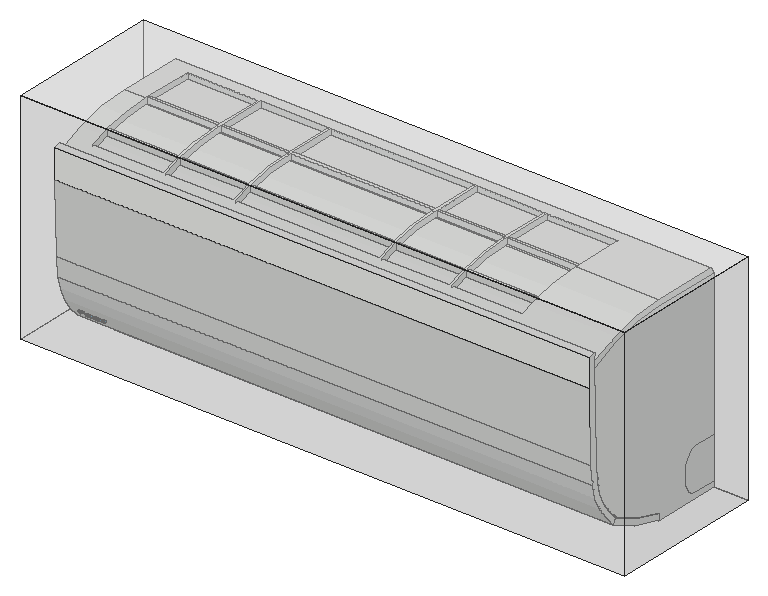
Revit family "outputfile", category 機械設備, Revit 2024
Family settings
  丸型コネクタ寸法 = 半径を使用
  パーツ タイプ = 標準
  OmniClass 番号 = 23.75.10.24.21.27.27
  OmniClass タイトル = Split System Air Conditioning Units
  作業面ベース = いいえ
  常に垂直 = はい
  ロード時にボイドで切り取り = いいえ
  注釈の向きを維持 = いいえ
  共有 = いいえ
  部屋計算ポイント = いいえ
Parameters (values of type "FTXV35QVMV")
  Description = ""
  書き出し IFC クラス(タイプ) = "IfcUnitaryEquipmentType"
  定義済み IFC タイプ(タイプ) = "AIRCONDITIONINGUNIT"
  Cost = 0
  Type Comments = ""
  Keynote = ""
  Type Image = (empty or 0)
  Assembly Code = ""
  w_wall hole = if(Width = 770.0 mm, 48.0 mm, 60.0 mm)  # 48.0 mm
  製造元 = "Daikin"
  モデル = "FTXV35QVMV"
  switch_frequency = yes
  r_Liquid Pipe Size = Liquid Pipe Size / 2  # 3.2 mm
  r_Gas Pipe Size = Gas Pipe Size / 2  # 4.75 mm
  r_Drain Pipe Size = Drain Pipe Size / 2  # 8.0 mm
  lw_powersupply [instance] = if(Width = 770.0 mm, if(or(Rear Right Connection_refrigerant, Bottom Right Connection_refrigerant), 25.0 mm, if(or(Rear Left Connection_refrigerant, Bottom Left Connection_refrigerant), 745.0 mm, 400.0 mm)), if(Width = 990.0 mm, if(or(Rear Right Connection_refrigerant, Bottom Right Connection_refrigerant), 40.0 mm, if(or(Rear Left Connection_refrigerant, Bottom Left Connection_refrigerant), 920.0 mm, 400.0 mm)), if(or(Rear Right Connection_refrigerant, Bottom Right Connection_refrigerant), 40.0 mm, if(or(Rear Left Connection_refrigerant, Bottom Left Connection_refrigerant), 920.0 mm, 400.0 mm))))  # 400.0 mm
  lw_liquidpipe [instance] = if(Width = 770.0 mm, if(or(Rear Right Connection_refrigerant, Bottom Right Connection_refrigerant), 0.0 mm, if(or(Rear Left Connection_refrigerant, Bottom Left Connection_refrigerant), 664.0 mm, 385.0 mm)), if(Width = 990.0 mm, if(or(Rear Right Connection_refrigerant, Bottom Right Connection_refrigerant), 0.0 mm, if(or(Rear Left Connection_refrigerant, Bottom Left Connection_refrigerant), 664.0 mm + (990.0 mm - 770.0 mm), 475.0 mm)), if(or(Rear Right Connection_refrigerant, Bottom Right Connection_refrigerant), 0.0 mm, if(or(Rear Left Connection_refrigerant, Bottom Left Connection_refrigerant), 664.0 mm + (990.0 mm - 770.0 mm), 475.0 mm))))  # 385.0 mm
  lw_gaspipe [instance] = if(Width = 770.0 mm, if(or(Rear Right Connection_refrigerant, Bottom Right Connection_refrigerant), 0.0 mm, if(or(Rear Left Connection_refrigerant, Bottom Left Connection_refrigerant), 675.0 mm, if(Gas Pipe Size = 12.7 mm, 345.0 mm, 335.0 mm))), if(Width = 990.0 mm, if(or(Rear Right Connection_refrigerant, Bottom Right Connection_refrigerant), 10.0 mm, if(or(Rear Left Connection_refrigerant, Bottom Left Connection_refrigerant), 890.0 mm, if(Gas Pipe Size = 15.9 mm, 410.0 mm, 400.0 mm))), if(or(Rear Right Connection_refrigerant, Bottom Right Connection_refrigerant), 10.0 mm, if(or(Rear Left Connection_refrigerant, Bottom Left Connection_refrigerant), 890.0 mm, if(Gas Pipe Size = 15.9 mm, 410.0 mm, 400.0 mm)))))  # 335.0 mm
  lw_drainpipe [instance] = if(Width = 770.0 mm, if(or(Rear Right Connection_refrigerant, Bottom Right Connection_refrigerant), 0.0 mm, if(or(Rear Left Connection_refrigerant, Bottom Left Connection_refrigerant), 770.0 mm - 48.0 mm - 48.0 mm, 440.0 mm)), if(Width = 990.0 mm, if(or(Rear Right Connection_refrigerant, Bottom Right Connection_refrigerant), 0.0 mm, if(or(Rear Left Connection_refrigerant, Bottom Left Connection_refrigerant), 675.0 mm + (990.0 mm - 770.0 mm), 435.0 mm)), if(or(Rear Right Connection_refrigerant, Bottom Right Connection_refrigerant), 0.0 mm, if(or(Rear Left Connection_refrigerant, Bottom Left Connection_refrigerant), 675.0 mm + (990.0 mm - 770.0 mm), 435.0 mm))))  # 440.0 mm
  l_powersupply_length [instance] = if(Width = 770.0 mm, if(Right Connection_refrigerant, 400.0 mm, if(Left Connection_refrigerant, 770.0 mm - 400.0 mm, if(or(Rear Left Connection_refrigerant, Rear Right Connection_refrigerant), 15.0 mm, 50.0 mm))), if(Width = 990.0 mm, if(Right Connection_refrigerant, 400.0 mm, if(Left Connection_refrigerant, 990.0 mm - 400.0 mm, if(or(Rear Left Connection_refrigerant, Rear Right Connection_refrigerant), 15.0 mm, 50.0 mm))), if(Right Connection_refrigerant, 400.0 mm, if(Left Connection_refrigerant, 990.0 mm - 400.0 mm, if(or(Rear Left Connection_refrigerant, Rear Right Connection_refrigerant), 15.0 mm, 50.0 mm)))))  # 400.0 mm
  l_liquidpipe_length [instance] = if(Width = 770.0 mm, if(Right Connection_refrigerant, 433.0 mm, if(Left Connection_refrigerant, 337.0 mm, if(or(Rear Left Connection_refrigerant, Rear Right Connection_refrigerant), 30.0 mm, 40.0 mm))), if(Width = 990.0 mm, if(Right Connection_refrigerant, 535.0 mm, if(Left Connection_refrigerant, 455.0 mm, if(or(Rear Left Connection_refrigerant, Rear Right Connection_refrigerant), 30.0 mm, 40.0 mm))), if(Right Connection_refrigerant, 535.0 mm, if(Left Connection_refrigerant, 455.0 mm, if(or(Rear Left Connection_refrigerant, Rear Right Connection_refrigerant), 30.0 mm, 40.0 mm)))))  # 433.0 mm
  l_gaspipe_length [instance] = if(Width = 770.0 mm, if(Right Connection_refrigerant, if(Gas Pipe Size = 12.7 mm, 393.0 mm, 383.0 mm), if(Left Connection_refrigerant, if(Gas Pipe Size = 12.7 mm, 770.0 mm - 393.0 mm, 770.0 mm - 383.0 mm), if(or(Rear Left Connection_refrigerant, Rear Right Connection_refrigerant), 40.0 mm, 50.0 mm))), if(Width = 990.0 mm, if(Right Connection_refrigerant, if(Gas Pipe Size = 15.9 mm, 470.0 mm, 460.0 mm), if(Left Connection_refrigerant, if(Gas Pipe Size = 15.9 mm, 990.0 mm - 470.0 mm, 990.0 mm - 460.0 mm), if(or(Rear Left Connection_refrigerant, Rear Right Connection_refrigerant), 40.0 mm, 50.0 mm))), if(Right Connection_refrigerant, if(Gas Pipe Size = 15.9 mm, 470.0 mm, 460.0 mm), if(Left Connection_refrigerant, if(Gas Pipe Size = 15.9 mm, 990.0 mm - 470.0 mm, 990.0 mm - 460.0 mm), if(or(Rear Left Connection_refrigerant, Rear Right Connection_refrigerant), 40.0 mm, 50.0 mm)))))  # 383.0 mm
  l_drainpipe_length [instance] = if(Width = 770.0 mm, if(Right Connection_refrigerant, 488.0 mm, if(Left Connection_refrigerant, 282.0 mm, if(or(Rear Left Connection_refrigerant, Rear Right Connection_refrigerant), 15.0 mm, 20.0 mm))), if(Width = 990.0 mm, if(Right Connection_refrigerant, 495.0 mm, if(Left Connection_refrigerant, 495.0 mm, if(or(Rear Left Connection_refrigerant, Rear Right Connection_refrigerant), 15.0 mm, 20.0 mm))), if(Right Connection_refrigerant, 495.0 mm, if(Left Connection_refrigerant, 495.0 mm, if(or(Rear Left Connection_refrigerant, Rear Right Connection_refrigerant), 15.0 mm, 20.0 mm)))))  # 488.0 mm
  h*** = 0.0 mm  # constant formula
  connector_voltage = Voltage_50Hz  # 230 V
  connector_powerinput = if([Power Input (Cooling)] > [Power Input (Heating)], [Power Input (Cooling)], [Power Input (Heating)])  # 0.000 kW
  connector_phase = Phase_50Hz  # 1
  angle_vertical [instance] = if(or(Bottom Left Connection_refrigerant, Bottom Right Connection_refrigerant), 0.00°, 90.00°)  # 90.00°
  angle_horizontal [instance] = if(Right Connection_refrigerant, 90.00°, if(Left Connection_refrigerant, -90.00°, if(or(Rear Left Connection_refrigerant, Rear Right Connection_refrigerant), 180.00°, 0.00°)))  # 90.00°
  Width = 770.0 mm
  Voltage_comment_50Hz = "220 - 240"
  Voltage_50Hz = 230 V
  Version = "ver.1.0"
  Unit Type = "Wall Mounted"
  Unit Mass Weight = 9.00 kg
  Unit Designation [instance] = ""
  Uniclass2015Version = "Products v1.30"
  Uniclass2015Title = "Split coil room air conditioning units"
  Uniclass2015Code = "Pr_70_65_03_86"
  URL = ""
  Total Heating Capacity [instance] = 0.000 kW
  Total Cooling Capacity [instance] = 0.000 kW
  Sound Pressure Level_M speed (dBA) = 34
  Sound Pressure Level_L speed (dBA) = 26
  Sound Pressure Level_H speed (dBA) = 42
  Sound Power Level_H speed (dB) = 0
  Series = "Single Split_Fan Coil Unit"
  Sensible Cooling Capacity [instance] = 0.000 kW
  Refrigerant Type = "R32"
  Power Input (Heating) = 0.000 kW
  Power Input (Cooling) = 0.000 kW
  Phase_50Hz = 1
  Option Accessory 3 [instance] = ""
  Option Accessory 2 [instance] = ""
  Option Accessory 1 [instance] = ""
  Nominal Heating Capacity = 3.700 kW
  Nominal Cooling Capacity = 3.500 kW
  Minimum Circuit Amps_50Hz = 0.0 A
  Minimum Airflow = 324.00 m³/h
  Median Airflow = 456.00 m³/h
  Maximum Fuse Amps_50Hz = 0.0 A
  Maximum Airflow = 630.00 m³/h
  Material_Casing = DAIKIN_PureWhite_Casing_indoorunit
  Load Classification = HVAC
  Liquid Pipe Size = 6.4 mm
  Link_Nested Family [instance] = ""
  IfcVersion = ""
  IfcExportType = "AIRCONDITIONINGUNIT"
  IfcExportAs = "IfcUnitaryEquipmentType"
  Height = 285.0 mm
  Heating Entering Wet Bulb Temperature [instance] = 0.00 °C
  Heating Entering Dry Bulb Temperature [instance] = 0.00 °C
  Heating Ambient Wet Bulb Temperature [instance] = 0.00 °C
  Heating Ambient Dry Bulb Temperature [instance] = 0.00 °C
  Heat Exchanger Type = "Cross Fin Coil"
  Gas Pipe Size = 9.5 mm
  Frequency_50Hz = 50 Hz
  Fan Type = "Cross Flow Fan"
  Fan Drive = "Direct Drive"
  FCU Tag No. [instance] = ""
  Drain Pipe Size = 16.0 mm
  Design Supply Airflow [instance] = 0.00 m³/h
  Depth = 223.0 mm
  既定の高さ = 0.0 mm
  Cooling Entering Wet Bulb Temperature [instance] = 0.00 °C
  Cooling Entering Dry Bulb Temperature [instance] = 0.00 °C
  Cooling Ambient Wet Bulb Temperature [instance] = 0.00 °C
  Cooling Ambient Dry Bulb Temperature [instance] = 0.00 °C
  Clearance visibility [instance] = yes
  Clearance Top = 30.0 mm
  Clearance Right = 50.0 mm
  Clearance Rear = 0.0 mm
  Clearance Left = 50.0 mm
  Clearance Front = 0.0 mm
  Clearance Bottom = 0.0 mm
  Bottom Right Connection_refrigerant [instance] = no
  Bottom Left Connection_refrigerant [instance] = no
  Rear Right Connection_refrigerant [instance] = no
  Rear Left Connection_refrigerant [instance] = no
  Right Connection_refrigerant [instance] = yes
  Left Connection_refrigerant [instance] = no
Reference planes
  plane 1 "Back": y = 0
  plane 2: z = 0
  plane 3 "Center (Left/Right)": x = 0
  plane 4 "Center (Front/Back)": y = -111.5
  plane 5 "Front": y = -223
  plane 6 "Left": x = -385
  plane 7 "Right": x = 385
  plane 8 "Top": z = 0
  plane 9 "Bottom": z = -285
  plane 10: x = -435
  plane 11: x = 435
  plane 12: y = 0
  plane 13: y = -223
  plane 14: z = 30
  plane 15: z = -285
  plane 16 "lw_Piping and Wiring intake": x = 337
  plane 17 "lw_gaspipe": x = 2
  plane 18 "lw_liquidpipe": x = -48
  plane 19 "lw_drainpipe": x = -103
  plane 20 "lh_drainpipe": z = -265
  plane 21 "lh_liquidpipe": z = -245
  plane 22 "lh_gaspipe": z = -235
  plane 23 "ld_drainpipe": y = -15
  plane 24 "ld_liquidpipe": y = -30
  plane 25 "ld_gaspipe": y = -40
  plane 26 "lw_powersupply": x = -15
Dimensions and locks
  equal spacing: plane 6 "Left", plane 3 "Center (Left/Right)", plane 7 "Right"
  "Width": plane 6 "Left" to plane 7 "Right"
  equal spacing: plane 5 "Front", plane 4 "Center (Front/Back)", plane 1 "Back"
  "Depth": plane 5 "Front" to plane 1 "Back"
  "Height": plane 8 "Top" to plane 9 "Bottom"
  "Clearance Rear": plane 12 to plane 1 "Back"
  "Clearance Front": plane 13 to plane 5 "Front"
  "Clearance Top": plane 14 to plane 8 "Top"
  "Clearance Bottom": plane 9 "Bottom" to plane 15
  "w_wall hole": plane 16 "lw_Piping and Wiring intake" to plane 7 "Right"
  "lw_gaspipe": plane 17 "lw_gaspipe" to plane 16 "lw_Piping and Wiring intake"
  "lw_liquidpipe": plane 18 "lw_liquidpipe" to plane 16 "lw_Piping and Wiring intake"
  "lw_drainpipe": plane 19 "lw_drainpipe" to plane 16 "lw_Piping and Wiring intake"
  locked: plane 20 "lh_drainpipe" to plane 9 "Bottom" at 20
  locked: plane 21 "lh_liquidpipe" to plane 9 "Bottom" at 40
  locked: plane 22 "lh_gaspipe" to plane 9 "Bottom" at 50
  locked: plane 23 "ld_drainpipe" to plane 1 "Back" at 15
  locked: plane 1 "Back" to plane 24 "ld_liquidpipe" at 30
  locked: plane 1 "Back" to plane 25 "ld_gaspipe" at 40
  "lw_powersupply": plane 26 "lw_powersupply" to plane 7 "Right"
  "Clearance Left": plane 10 to plane 6 "Left"
  "Clearance Right": plane 7 "Right" to plane 11
  aligned and locked: level to plane 2
  aligned and locked: plane 12 to nested 1
  aligned and locked: nested 1 to plane 13
  aligned and locked: plane 10 to nested 1
  aligned and locked: plane 11 to nested 1
  aligned and locked: plane 15 to nested 1
  aligned and locked: plane 14 to nested 1
  aligned and locked: plane 17 "lw_gaspipe" to nested 2
  aligned and locked: nested 2 to plane 25 "ld_gaspipe"
  aligned and locked: plane 18 "lw_liquidpipe" to nested 3
  aligned and locked: nested 3 to plane 24 "ld_liquidpipe"
  aligned and locked: plane 19 "lw_drainpipe" to nested 4
  aligned and locked: nested 4 to plane 23 "ld_drainpipe"
  aligned and locked: nested 5 to plane 23 "ld_drainpipe"
  aligned and locked: plane 26 "lw_powersupply" to nested 5
  aligned and locked: level to plane 8 "Top"
  aligned and locked: plane 3 "Center (Left/Right)" to nested 6
  aligned and locked: plane 1 "Back" to nested 6
  aligned and locked: plane 8 "Top" to nested 6
Nested families
  nested 1: "daikin_clearancespace" at (0, -111.5, -127.381), show <- "Clearance visibility", visible <- "Clearance visibility", Link_Nested Family <- "Link_Nested Family", type "daikin_clearancespace"
    with width 870.0 mm, show yes, height 315.0 mm, depth 223.0 mm, Link_Nested Family ""
  nested 2: "daikin_connector_rotate3" at (2, -40, -235), angle_vertical <- "angle_vertical", angle_horizontal <- "angle_horizontal", length <- "l_gaspipe_length", radius <- "r_Gas Pipe Size", type "daikin_connector_rotate3"
    with show no, radius 4.75 mm, length 383.0 mm, angle_vertical 90.00°, angle_horizontal 90.00°
  nested 3: "daikin_connector_rotate3" at (-48, -30, -245), angle_vertical <- "angle_vertical", angle_horizontal <- "angle_horizontal", radius <- "r_Liquid Pipe Size", length <- "l_liquidpipe_length", type "daikin_connector_rotate3"
    with show no, radius 3.2 mm, length 433.0 mm, angle_vertical 90.00°, angle_horizontal 90.00°
  nested 4: "daikin_connector_rotate3" at (-103, -15, -265), angle_vertical <- "angle_vertical", angle_horizontal <- "angle_horizontal", length <- "l_drainpipe_length", radius <- "r_Drain Pipe Size", type "daikin_connector_rotate3"
    with show no, radius 8.0 mm, length 488.0 mm, angle_vertical 90.00°, angle_horizontal 90.00°
  nested 5: "daikin_connector_rotate3" at (-15, -15, -235), angle_vertical <- "angle_vertical", angle_horizontal <- "angle_horizontal", length <- "l_powersupply_length", type "daikin_connector_rotate3"
    with show no, radius 10.0 mm, length 400.0 mm, angle_vertical 90.00°, angle_horizontal 90.00°
  nested 6: "DAIKIN_indoorunit_FTXV-QVMV" at (-31, 0, 0), type "FTXV-QVMV"
Connectors
  piping at (385, -40, -235), diameter 9.5, driven by "r_Gas Pipe Size"
    settings: on nested 2, index 1, connector inside diameter 609.6 mm, connector length 0.0 mm, flow factor 0, pipe flow 0.00 m³/h, pressure drop 0.0 Pa, fitting loss kfactor 0, connector angle 0.00°, fixture units 0, engagement length 0.0 mm, angle of deflection 0.00°, flow configuration 1, flow direction 2, fitting loss method 0, system type 29, joint type 0, gender type 0, connector reference index -1, connector utility 0, adjustable connector no, is connector primary yes, connector description "Refrigerant Gas Piping"
  piping at (385, -30, -245), diameter 6.4, driven by "r_Liquid Pipe Size"
    settings: on nested 3, index 2, connector inside diameter 609.6 mm, connector length 0.0 mm, flow factor 0, pipe flow 0.00 m³/h, pressure drop 0.0 Pa, fitting loss kfactor 0, connector angle 0.00°, fixture units 0, engagement length 0.0 mm, angle of deflection 0.00°, flow configuration 1, flow direction 1, fitting loss method 0, system type 29, joint type 0, gender type 0, connector reference index -1, connector utility 0, adjustable connector no, is connector primary no, connector description "Refrigerant Liquid Piping"
  piping at (385, -15, -265), diameter 16, driven by "r_Drain Pipe Size"
    settings: on nested 4, index 3, connector inside diameter 609.6 mm, connector length 0.0 mm, flow factor 0, pipe flow 0.00 m³/h, pressure drop 0.0 Pa, fitting loss kfactor 0, connector angle 0.00°, fixture units 0, engagement length 0.0 mm, angle of deflection 0.00°, flow configuration 1, flow direction 2, fitting loss method 4, system type 16, joint type 0, gender type 0, connector reference index -1, connector utility 0, adjustable connector no, is connector primary no, connector description "Condensate Drain Piping"
  electrical at (385, -15, -235), driven by "Load Classification", driven by "connector_powerinput", driven by "connector_phase", driven by "connector_voltage"
    settings: on nested 5, index 4, voltage 230 V, apparent load 0 VA, apparent load phase1 0 VA, apparent load phase2 0 VA, apparent load phase3 0 VA, power factor 1, load classification "HVAC", number of poles 1, system type 30, power factor state 1, is connector primary yes, connector utility no, sub classification motor no, connector description "Power Supply"
Definition of nested family "daikin_clearancespace"
  Parameters (values of type "daikin_clearancespace")
    Description = "daikin_clearancespace"
    width [instance] = 1823.963 mm
    show [instance] = yes
    material = none
    height [instance] = 1359.762 mm
    depth [instance] = 880.0 mm
    Default Elevation = 0.0 mm
    Link_Nested Family [instance] = ""
  Reference planes
    plane 1 "Center (Front/Back)": y = 0
    plane 2 "Center (Elevation)": z = -0.119
    plane 3 "Center (Left/Right)": x = 0
    plane 4: y = 440
    plane 5: y = -440
    plane 6 "Right": x = 911.982
    plane 7 "Left": x = -911.982
    plane 8 "Top": z = 679.762
    plane 9 "Bottom": z = -680
  Forms (mm)
    Extrusion 1, solid, material <- "material", visible <- "show"
      sketch origin (0, 0, 0) x (1, 0, 0) y (0, 1, 0)
        loop
          line (-911.982, 440) -> (-911.982, -440) -> (911.982, -440) -> (911.982, 440) -> (-911.982, 440)
      from -680 to 679.762
  Lines and regions (mm)
    symbolic lines, visible <- "show"
      curve 1: line (911.982, 440, 0) -> (-911.982, 440, 0)
      curve 2: line (-911.982, 440, 0) -> (-911.982, -440, 0)
      curve 3: line (-911.982, -440, 0) -> (911.982, -440, 0)
      curve 4: line (911.982, -440, 0) -> (911.982, 440, 0)
      curve 5: line (911.982, 0, 679.762) -> (-911.982, 0, 679.762)
      curve 6: line (911.982, 0, -680) -> (911.982, 0, 679.762)
      curve 7: line (-911.982, 0, -680) -> (911.982, 0, -680)
      curve 8: line (-911.982, 0, 679.762) -> (-911.982, 0, -680)
      curve 9: line (0, 440, 679.762) -> (0, -440, 679.762)
      curve 10: line (0, -440, 679.762) -> (0, -440, -680)
      curve 11: line (0, 440, -680) -> (0, 440, 679.762)
      curve 12: line (0, -440, -680) -> (0, 440, -680)
  Dimensions and locks
    "width": plane 7 "Left" to plane 6 "Right"
    "depth": plane 4 to plane 5
    "height": plane 8 "Top" to plane 9 "Bottom"
    equal spacing: plane 7 "Left", plane 3 "Center (Left/Right)", plane 6 "Right"
    equal spacing: plane 4, plane 1 "Center (Front/Back)", plane 5
    equal spacing: plane 8 "Top", plane 2 "Center (Elevation)", plane 9 "Bottom"
    aligned and locked: level to plane 2 "Center (Elevation)"
    aligned and locked: Extrusion 1 sketch curve to plane 4
    aligned and locked: plane 7 "Left" to Extrusion 1 sketch curve
    aligned and locked: Extrusion 1 sketch curve to plane 5
    aligned and locked: Extrusion 1 sketch curve to plane 6 "Right"
    aligned and locked: plane 8 "Top" to Extrusion 1
    aligned and locked: curve 1 to Extrusion 1
    aligned and locked: curve 2 to Extrusion 1
    aligned and locked: curve 3 to Extrusion 1
    aligned and locked: curve 4 to Extrusion 1
    aligned and locked: curve 5 to Extrusion 1
    aligned and locked: curve 6 to Extrusion 1
    aligned and locked: curve 7 to Extrusion 1
    aligned and locked: curve 8 to Extrusion 1
    aligned and locked: curve 9 to Extrusion 1
    aligned and locked: curve 10 to Extrusion 1
    aligned and locked: curve 11 to Extrusion 1
    aligned and locked: curve 12 to Extrusion 1
    aligned and locked: Extrusion 1 to plane 9 "Bottom"
Definition of nested family "DAIKIN_indoorunit_FTXV-QVMV"
  Parameters (values of type "CTKM-RVMV")
    switch_unit1_50-71 = Width = 990.0 mm  # no
    switch_unit1_25-35 = Width = 770.0 mm  # yes
    Width = 770.0 mm
    WALL HOLE-R = if(Width = 770.0 mm, 48.0 mm, 60.0 mm)  # 48.0 mm
    WALL HOLE Size = if(Width = 770.0 mm, 65.0 mm, 80.0 mm)  # 65.0 mm
    Material_Casing = none
    Height = if(Width = 770.0 mm, 285.0 mm, 295.0 mm)  # 285.0 mm
    Default Elevation = 0.0 mm
  Reference planes
    plane 1 "Center (Front/Back)": y = 0
    plane 2 "reference_level": z = 0
    plane 3 "Center (Left/Right)": x = 31
    plane 4: x = -354
    plane 5: x = 416
    plane 6: z = -285
  Forms (mm)
    Extrusion 1, solid, material <- "Material_Casing", visible <- "switch_unit1_25-35"
      sketch origin (29, 0, 0) x (0, 1, 0) y (0, 0, 1)
        loop
          line (-5, 0) -> (-98, 0)
          arc (-98, 0) -> (-157.611, -7.211) -> (-213.783, -28.427) r 250
          arc (-213.783, -28.427) -> (-213.842, -32.972) -> (-213.892, -37.516) r 2191
          arc (-213.892, -37.516) -> (-157.832, -15.495) -> (-98.07, -8) r 242
          line (-98.07, -8) -> (0, -8) -> (-5, 0)
      from -383 to 387
    Extrusion 2, solid, material <- "Material_Casing", visible <- "switch_unit1_25-35"
      sketch origin (416, 1296.25, 1200) x (0, 1, 0) y (0, 0, 1)
        loop
          line (-1472.998, -1446.91) -> (-1476.998, -1453.839)
          arc (-1476.998, -1453.839) -> (-1437.481, -1472.422) -> (-1395.25, -1483.538) r 240
          line (-1395.25, -1483.538) -> (-1395.25, -1475.422)
          arc (-1395.25, -1475.422) -> (-1435.407, -1464.663) -> (-1472.998, -1446.91) r 232
      from 0 to -47.5
    Extrusion 3, solid, material <- "Material_Casing", visible <- "switch_unit1_25-35"
      sketch origin (29, 0, 0) x (0, 1, 0) y (0, 0, 1)
        loop
          arc (-223, -60.455) -> (-222.414, -110.646) -> (-220.656, -160.81) r 2149.92
          arc (-220.656, -160.81) -> (-219.65, -174.299) -> (-217.853, -187.706) r 229.911
          arc (-217.853, -187.706) -> (-205.371, -223.594) -> (-181.517, -253.17) r 111
          line (-181.517, -253.17) -> (-177.429, -246.093)
          arc (-177.429, -246.093) -> (-198.77, -218.989) -> (-209.965, -186.36) r 103
          arc (-209.965, -186.36) -> (-211.681, -173.586) -> (-212.651, -160.735) r 221.844
          arc (-212.651, -160.735) -> (-214.739, -93.233) -> (-214.74, -25.699) r 2186.828
          arc (-214.74, -25.699) -> (-214.671, -21.467) -> (-214.594, -17.235) r 2192
          line (-214.594, -17.235) -> (-223, -19.961) -> (-223, -60.455)
      from -383 to 387
    Extrusion 4, solid, material <- "Material_Casing", visible <- "switch_unit1_25-35"
      sketch origin (29, 0, -20) x (0, 1, 0) y (0, 0, 1)
        loop
          line (0, -265) -> (0, 12) -> (-98.07, 12)
          arc (-98.07, 12) -> (-157.832, 4.505) -> (-213.892, -17.516) r 242
          arc (-213.892, -17.516) -> (-213.638, -79.114) -> (-211.653, -140.681) r 2191
          arc (-211.653, -140.681) -> (-210.685, -153.501) -> (-208.973, -166.243) r 221
          arc (-208.973, -166.243) -> (-197.471, -199.282) -> (-175.482, -226.491) r 102
          arc (-175.482, -226.491) -> (-138.004, -244.019) -> (-98, -254.579) r 231
          line (-98, -254.579) -> (-98, -265) -> (0, -265)
      from -383 to 387
    Extrusion 5, solid, material <- "Material_Casing", visible <- "switch_unit1_25-35"
      sketch origin (-354, 1296.25, 1200) x (0, 1, 0) y (0, 0, 1)
        loop
          line (-1472.998, -1446.91) -> (-1476.998, -1453.839)
          arc (-1476.998, -1453.839) -> (-1437.481, -1472.422) -> (-1395.25, -1483.538) r 240
          line (-1395.25, -1483.538) -> (-1395.25, -1475.422)
          arc (-1395.25, -1475.422) -> (-1435.407, -1464.663) -> (-1472.998, -1446.91) r 232
      from 47 to 0
    Extrusion 6, solid, material <- "Material_Casing", visible <- "switch_unit1_25-35"
      sketch origin (416, 1296.25, 1200) x (0, 1, 0) y (0, 0, 1)
        loop
          line (-1472.998, -1446.91) -> (-1476.998, -1453.839)
          arc (-1476.998, -1453.839) -> (-1443.437, -1470.168) -> (-1407.75, -1481.097) r 240
          line (-1407.75, -1481.097) -> (-1407.75, -1472.894)
          arc (-1407.75, -1472.894) -> (-1441.363, -1462.385) -> (-1472.998, -1446.91) r 232
      from -116.993 to -48.493
    Extrusion 7, solid, material <- "Material_Casing", visible <- "switch_unit1_25-35"
      sketch origin (416, 1296.25, 1200) x (0, 1, 0) y (0, 0, 1)
        loop
          line (-1472.998, -1446.91) -> (-1476.998, -1453.839)
          arc (-1476.998, -1453.839) -> (-1443.437, -1470.168) -> (-1407.75, -1481.097) r 240
          line (-1407.75, -1481.097) -> (-1407.75, -1472.894)
          arc (-1407.75, -1472.894) -> (-1441.363, -1462.385) -> (-1472.998, -1446.91) r 232
      from -717 to -121.993
    Extrusion 8, void
      sketch origin (31, 0, -235) x (1, 0, 0) y (0, 1, 0)
        loop
          line (-252.674, -22.316) -> (-354.941, -22.316) -> (-354.941, -91.341) -> (-252.674, -91.341) -> (-252.674, -22.316)
        loop
          line (-249.341, -91.341) -> (-151.574, -91.341) -> (-151.574, -22.316) -> (-249.341, -22.316) -> (-249.341, -91.341)
        loop
          line (58.309, -22.316) -> (-148.309, -22.316) -> (-148.309, -91.341) -> (58.309, -91.341) -> (58.309, -22.316)
        loop
          line (61.689, -22.316) -> (61.689, -91.341) -> (159.457, -91.341) -> (159.457, -22.316) -> (61.689, -22.316)
        loop
          line (162.789, -22.316) -> (162.789, -91.341) -> (265.057, -91.341) -> (265.057, -22.316) -> (162.789, -22.316)
        loop
          line (-354.941, -94.659) -> (-354.941, -165.259) -> (-252.674, -165.259) -> (-252.674, -94.659) -> (-354.941, -94.659)
        loop
          line (-249.341, -94.659) -> (-249.341, -165.259) -> (-151.574, -165.259) -> (-151.574, -94.659) -> (-249.341, -94.659)
        loop
          line (-148.309, -94.659) -> (-148.309, -165.259) -> (58.309, -165.259) -> (58.309, -94.659) -> (-148.309, -94.659)
        loop
          line (61.689, -94.659) -> (61.689, -165.259) -> (159.457, -165.259) -> (159.457, -94.659) -> (61.689, -94.659)
        loop
          line (162.789, -94.659) -> (162.789, -165.259) -> (265.057, -165.259) -> (265.057, -94.659) -> (162.789, -94.659)
        loop
          line (-354.941, -167.382) -> (-354.941, -192.681) -> (-252.674, -192.681) -> (-252.674, -167.382) -> (-354.941, -167.382)
        loop
          line (-249.341, -167.382) -> (-249.341, -192.681) -> (-151.574, -192.681) -> (-151.574, -167.382) -> (-249.341, -167.382)
        loop
          line (-148.309, -167.382) -> (-148.309, -192.681) -> (58.309, -192.681) -> (58.309, -167.382) -> (-148.309, -167.382)
        loop
          line (159.457, -167.382) -> (61.689, -167.382) -> (61.689, -192.681) -> (159.457, -192.681) -> (159.457, -167.382)
        loop
          line (265.057, -167.382) -> (162.789, -167.382) -> (162.789, -192.681) -> (265.057, -192.681) -> (265.057, -167.382)
      from 201.638 to 250
    Extrusion 9, solid, material <- "Material_Casing"
      sketch origin (31, 0, 0) x (1, 0, 0) y (0, 0, 1)
        loop
          circle (337, -240.5) r 32.5
        loop
          circle (-337, -240.5) r 32.5
      from 0 to 5
    Extrusion 10, solid, material <- "Material_Casing", visible <- "switch_unit1_25-35"
      sketch origin (416, 1296.25, 1200) x (0, -1, 0) y (0, 0, 1)
        loop
          line (1326.25, -1417) -> (1296.25, -1417) -> (1296.25, -1477) -> (1326.25, -1477)
          arc (1326.25, -1477) -> (1340.393, -1471.142) -> (1346.25, -1457) r 20
          line (1346.25, -1457) -> (1346.25, -1437)
          arc (1346.25, -1437) -> (1340.393, -1422.858) -> (1326.25, -1417) r 20
      from 0 to 5
    Extrusion 11, solid, material <- "Material_Casing", visible <- "switch_unit1_25-35"
      sketch origin (-354, 1296.25, 1200) x (0, 1, 0) y (0, 0, 1)
        loop
          line (-1296.25, -1417) -> (-1326.25, -1417)
          arc (-1326.25, -1417) -> (-1340.393, -1422.858) -> (-1346.25, -1437) r 20
          line (-1346.25, -1437) -> (-1346.25, -1457)
          arc (-1346.25, -1457) -> (-1340.393, -1471.142) -> (-1326.25, -1477) r 20
          line (-1326.25, -1477) -> (-1296.25, -1477) -> (-1296.25, -1417)
      from 0 to 5
    Extrusion 12, solid, material <- "Material_Casing", visible <- "switch_unit1_25-35"
      sketch origin (31, 0, -285) x (-1, 0, 0) y (0, -1, 0)
        loop
          line (-314, 0) -> (-314, 30)
          arc (-314, 30) -> (-319.858, 44.142) -> (-334, 50) r 20
          line (-334, 50) -> (-354, 50)
          arc (-354, 50) -> (-368.142, 44.142) -> (-374, 30) r 20
          line (-374, 30) -> (-374, 0) -> (-314, 0)
        loop
          line (374, 0) -> (374, 30)
          arc (374, 30) -> (368.142, 44.142) -> (354, 50) r 20
          line (354, 50) -> (334, 50)
          arc (334, 50) -> (319.858, 44.142) -> (314, 30) r 20
          line (314, 30) -> (314, 0) -> (374, 0)
      from 0 to 5
    Extrusion 13, solid, material <- "Material_Casing", visible <- "switch_unit1_50-71"
      sketch origin (31, 0, 0) x (0, 1, 0) y (0, 0, 1)
        loop
          line (-5, 0) -> (-138, 0)
          arc (-138, 0) -> (-197.611, -7.211) -> (-253.783, -28.427) r 250
          arc (-253.783, -28.427) -> (-253.838, -32.687) -> (-253.886, -36.946) r 2191
          arc (-253.886, -36.946) -> (-197.73, -15.346) -> (-138.014, -8) r 246.393
          line (-138.014, -8) -> (0, -8) -> (-5, 0)
      from -495 to 495
    Extrusion 14, solid, material <- "Material_Casing", visible <- "switch_unit1_50-71"
      sketch origin (418, 1296.25, 1200) x (0, 1, 0) y (0, 0, 1)
        loop
          arc (-1515.208, -1454.149) -> (-1506.856, -1460.599) -> (-1497.925, -1466.219) r 110
          arc (-1497.925, -1466.219) -> (-1445.718, -1487.493) -> (-1389.844, -1494.995) r 223
          line (-1389.844, -1494.995) -> (-1389.844, -1486.086) -> (-1404.386, -1486.086)
          arc (-1404.386, -1486.086) -> (-1449.542, -1477.46) -> (-1491.818, -1459.402) r 214.289
          arc (-1491.818, -1459.402) -> (-1501.056, -1453.541) -> (-1509.606, -1446.715) r 101
          line (-1509.606, -1446.715) -> (-1515.208, -1454.149)
      from 108 to 57.5
    Extrusion 15, solid, material <- "Material_Casing", visible <- "switch_unit1_50-71"
      sketch origin (31, 0, 0) x (0, 1, 0) y (0, 0, 1)
        loop
          line (-263, -19.962) -> (-263, -61.6)
          arc (-263, -61.6) -> (-262.414, -110.219) -> (-260.656, -158.81) r 2017.341
          arc (-260.656, -158.81) -> (-255.648, -191.935) -> (-244.041, -223.362) r 164.725
          arc (-244.041, -223.362) -> (-233.569, -239.793) -> (-219.717, -253.495) r 87.379
          line (-219.717, -253.495) -> (-214.706, -246.846)
          arc (-214.706, -246.846) -> (-229.564, -230.029) -> (-240.385, -210.371) r 102
          arc (-240.385, -210.371) -> (-249.049, -182.962) -> (-252.848, -154.467) r 165.789
          arc (-252.848, -154.467) -> (-254.771, -90.102) -> (-254.74, -25.708) r 2122.533
          arc (-254.74, -25.708) -> (-254.671, -21.469) -> (-254.594, -17.23) r 2192
          line (-254.594, -17.23) -> (-263, -19.962)
      from -495 to 495
    Extrusion 16, void
      sketch origin (33, 0, 0) x (1, 0, 0) y (0, 1, 0)
        loop
          line (-466.909, -22.316) -> (-466.909, -111.341) -> (-366.303, -111.341) -> (-366.303, -22.316) -> (-466.909, -22.316)
        loop
          line (-362.71, -22.316) -> (-362.71, -111.341) -> (-262.103, -111.341) -> (-262.103, -22.316) -> (-362.71, -22.316)
        loop
          line (-258.51, -22.316) -> (-258.51, -111.341) -> (-157.904, -111.341) -> (-157.904, -22.316) -> (-258.51, -22.316)
        loop
          line (-154.31, -22.316) -> (-154.31, -111.341) -> (-53.704, -111.341) -> (-53.704, -22.316) -> (-154.31, -22.316)
        loop
          line (-50.11, -22.316) -> (-50.11, -111.341) -> (50.496, -111.341) -> (50.496, -22.316) -> (-50.11, -22.316)
        loop
          line (54.089, -22.316) -> (54.089, -111.341) -> (154.696, -111.341) -> (154.696, -22.316) -> (54.089, -22.316)
        loop
          line (158.289, -22.316) -> (158.289, -111.341) -> (258.895, -111.341) -> (258.895, -22.316) -> (158.289, -22.316)
        loop
          line (262.489, -22.316) -> (262.489, -111.341) -> (363.095, -111.341) -> (363.095, -22.316) -> (262.489, -22.316)
        loop
          line (-466.909, -114.459) -> (-466.909, -185.059) -> (-366.303, -185.059) -> (-366.303, -114.459) -> (-466.909, -114.459)
        loop
          line (-362.71, -114.459) -> (-362.71, -185.059) -> (-262.103, -185.059) -> (-262.103, -114.459) -> (-362.71, -114.459)
        loop
          line (-258.51, -114.459) -> (-258.51, -185.059) -> (-157.904, -185.059) -> (-157.904, -114.459) -> (-258.51, -114.459)
        loop
          line (-154.31, -114.459) -> (-154.31, -185.059) -> (-53.704, -185.059) -> (-53.704, -114.459) -> (-154.31, -114.459)
        loop
          line (-50.11, -114.459) -> (-50.11, -185.059) -> (50.496, -185.059) -> (50.496, -114.459) -> (-50.11, -114.459)
        loop
          line (54.089, -114.459) -> (54.089, -185.059) -> (154.696, -185.059) -> (154.696, -114.459) -> (54.089, -114.459)
        loop
          line (158.289, -114.459) -> (158.289, -185.059) -> (258.895, -185.059) -> (258.895, -114.459) -> (158.289, -114.459)
        loop
          line (262.489, -114.459) -> (262.489, -185.059) -> (363.095, -185.059) -> (363.095, -114.459) -> (262.489, -114.459)
        loop
          line (-466.909, -187.382) -> (-466.909, -232.681) -> (-366.303, -232.681) -> (-366.303, -187.382) -> (-466.909, -187.382)
        loop
          line (-362.71, -187.382) -> (-362.71, -232.681) -> (-262.103, -232.681) -> (-262.103, -187.382) -> (-362.71, -187.382)
        loop
          line (-258.51, -187.382) -> (-258.51, -232.681) -> (-157.904, -232.681) -> (-157.904, -187.382) -> (-258.51, -187.382)
        loop
          line (-154.31, -187.382) -> (-154.31, -232.681) -> (-53.704, -232.681) -> (-53.704, -187.382) -> (-154.31, -187.382)
        loop
          line (-50.11, -187.382) -> (-50.11, -232.681) -> (50.496, -232.681) -> (50.496, -187.382) -> (-50.11, -187.382)
        loop
          line (54.089, -187.382) -> (54.089, -232.681) -> (154.696, -232.681) -> (154.696, -187.382) -> (54.089, -187.382)
        loop
          line (158.289, -187.382) -> (158.289, -232.681) -> (258.895, -232.681) -> (258.895, -187.382) -> (158.289, -187.382)
        loop
          line (262.489, -187.382) -> (262.489, -232.681) -> (363.095, -232.681) -> (363.095, -187.382) -> (262.489, -187.382)
      from -40.013 to 47.268
    Extrusion 17, solid, material <- "Material_Casing", visible <- "switch_unit1_50-71"
      sketch origin (-356, 1296.25, 1200) x (0, 1, 0) y (0, 0, -1)
        loop
          line (-1515.208, 1454.149) -> (-1509.606, 1446.715)
          arc (-1509.606, 1446.715) -> (-1501.056, 1453.541) -> (-1491.818, 1459.402) r 101
          arc (-1491.818, 1459.402) -> (-1449.542, 1477.46) -> (-1404.386, 1486.086) r 214.289
          line (-1404.386, 1486.086) -> (-1389.844, 1486.086) -> (-1389.844, 1494.995)
          arc (-1389.844, 1494.995) -> (-1445.718, 1487.493) -> (-1497.925, 1466.219) r 223
          arc (-1497.925, 1466.219) -> (-1506.856, 1460.599) -> (-1515.208, 1454.149) r 110
      from 108 to 61
    Extrusion 18, solid, material <- "Material_Casing", visible <- "switch_unit1_50-71"
      sketch origin (418, 1296.25, 1200) x (0, 1, 0) y (0, 0, 1)
        loop
          arc (-1515.208, -1454.149) -> (-1506.856, -1460.599) -> (-1497.925, -1466.219) r 110
          arc (-1497.925, -1466.219) -> (-1463.185, -1482.066) -> (-1426.25, -1491.755) r 223
          line (-1426.25, -1491.755) -> (-1426.25, -1483.166)
          arc (-1426.25, -1483.166) -> (-1460.008, -1473.969) -> (-1491.818, -1459.402) r 214.289
          arc (-1491.818, -1459.402) -> (-1501.056, -1453.541) -> (-1509.606, -1446.715) r 101
          line (-1509.606, -1446.715) -> (-1515.208, -1454.149)
      from 56.5 to -36.993
    Extrusion 19, solid, material <- "Material_Casing", visible <- "switch_unit1_50-71"
      sketch origin (418, 1296.25, 1200) x (0, 1, 0) y (0, 0, 1)
        loop
          arc (-1426.25, -1483.166) -> (-1443.442, -1479.224) -> (-1460.25, -1473.881) r 214.289
          line (-1460.25, -1473.881) -> (-1460.25, -1483.089)
          arc (-1460.25, -1483.089) -> (-1443.421, -1488.091) -> (-1426.25, -1491.755) r 223
          line (-1426.25, -1491.755) -> (-1426.25, -1483.166)
      from -43.493 to -828.893
    Extrusion 20, solid, material <- "Material_Casing", visible <- "switch_unit1_50-71"
      sketch origin (418, 1296.25, 1200) x (0, 1, 0) y (0, 0, 1)
        loop
          arc (-1515.208, -1454.149) -> (-1506.856, -1460.599) -> (-1497.925, -1466.219) r 110
          arc (-1497.925, -1466.219) -> (-1479.479, -1475.527) -> (-1460.25, -1483.089) r 223
          line (-1460.25, -1483.089) -> (-1460.25, -1473.881)
          arc (-1460.25, -1473.881) -> (-1476.328, -1467.282) -> (-1491.818, -1459.402) r 214.289
          arc (-1491.818, -1459.402) -> (-1501.056, -1453.541) -> (-1509.606, -1446.715) r 101
          line (-1509.606, -1446.715) -> (-1515.208, -1454.149)
      from -43.493 to -828.893
    Extrusion 21, solid, material <- "Material_Casing", visible <- "switch_unit1_50-71"
      sketch origin (31, 0, -30) x (0, 1, 0) y (0, 0, 1)
        loop
          line (0, 22) -> (-138.014, 22)
          arc (-138.014, 22) -> (-197.73, 14.654) -> (-253.886, -6.946) r 246.393
          arc (-253.886, -6.946) -> (-253.682, -65.635) -> (-251.855, -124.295) r 2120.935
          arc (-251.855, -124.295) -> (-248.086, -152.682) -> (-239.461, -179.988) r 164.789
          arc (-239.461, -179.988) -> (-228.903, -199.231) -> (-214.437, -215.738) r 101
          line (-214.437, -215.738) -> (-212.406, -216.221)
          arc (-212.406, -216.221) -> (-204.07, -222.837) -> (-195.079, -228.53) r 100
          arc (-195.079, -228.53) -> (-145.557, -248.629) -> (-92.593, -255.785) r 213.289
          line (-92.593, -255.785) -> (-92.593, -265) -> (0, -265) -> (0, 22)
      from -495 to 495
    Extrusion 22, solid, material <- "Material_Casing", visible <- "switch_unit1_50-71"
      sketch origin (526, 1296.25, 1200) x (0, -1, 0) y (0, 0, 1)
        loop
          line (1326.25, -1427.035) -> (1296.25, -1427.035) -> (1296.25, -1487.035) -> (1326.25, -1487.035)
          arc (1326.25, -1487.035) -> (1340.393, -1481.177) -> (1346.25, -1467.035) r 20
          line (1346.25, -1467.035) -> (1346.25, -1447.035)
          arc (1346.25, -1447.035) -> (1340.393, -1432.892) -> (1326.25, -1427.035) r 20
      from 0 to 5
    Extrusion 23, solid, material <- "Material_Casing", visible <- "switch_unit1_50-71"
      sketch origin (-459, 1296.25, 1200) x (0, -1, 0) y (0, 0, 1)
        loop
          line (1326.25, -1427.035) -> (1296.25, -1427.035) -> (1296.25, -1487.035) -> (1326.25, -1487.035)
          arc (1326.25, -1487.035) -> (1340.393, -1481.177) -> (1346.25, -1467.035) r 20
          line (1346.25, -1467.035) -> (1346.25, -1447.035)
          arc (1346.25, -1447.035) -> (1340.393, -1432.892) -> (1326.25, -1427.035) r 20
      from 0 to 5
    Extrusion 24, solid, material <- "Material_Casing", visible <- "switch_unit1_50-71"
      sketch origin (31, 200, -295) x (-1, 0, 0) y (0, -1, 0)
        loop
          line (469, 200) -> (469, 230)
          arc (469, 230) -> (463.142, 244.142) -> (449, 250) r 20
          line (449, 250) -> (429, 250)
          arc (429, 250) -> (414.858, 244.142) -> (409, 230) r 20
          line (409, 230) -> (409, 200) -> (469, 200)
        loop
          line (-469, 200) -> (-409, 200) -> (-409, 230)
          arc (-409, 230) -> (-414.858, 244.142) -> (-429, 250) r 20
          line (-429, 250) -> (-449, 250)
          arc (-449, 250) -> (-463.142, 244.142) -> (-469, 230) r 20
          line (-469, 230) -> (-469, 200)
      from 0 to 5
  Cuts and joins
    Extrusion 8 cuts Extrusion 1
    Extrusion 16 cuts Extrusion 13
  Lines and regions (mm)
    reference lines
      curve 1: line (-523, -201.911, -229.404) -> (-523, -193.542, -239.977)
      curve 2: line (-523, -240.779, -229.404) -> (-523, -232.411, -239.977)
  Dimensions and locks
    locked: Extrusion 10 sketch curve to Extrusion 10 sketch curve at 60
    locked: Extrusion 10 sketch curve to Extrusion 10 sketch curve at 50
    locked: Extrusion 12 sketch curve to Extrusion 12 sketch curve at 60  (x2)
    locked: Extrusion 12 sketch curve to Extrusion 12 sketch curve at 50
    equal spacing: plane 5, plane 3 "Center (Left/Right)", plane 4
    "Width": plane 5 to plane 4
    locked: Extrusion 9 sketch curve to plane 4 at 48
    "WALL HOLE-R": plane 5 to Extrusion 9 sketch curve
    "Height": plane 2 "reference_level" to plane 6
    locked: Extrusion 9 sketch curve to plane 6 at 44.5  (x2)
    locked: Extrusion 15 to nested 2 at 15
    locked: Extrusion 22 sketch curve to Extrusion 22 sketch curve at 60
    locked: Extrusion 22 sketch curve to Extrusion 22 sketch curve at 50
    locked: Extrusion 23 sketch curve to Extrusion 23 sketch curve at 60
    locked: Extrusion 23 sketch curve to Extrusion 23 sketch curve at 50
    locked: Extrusion 24 sketch curve to Extrusion 24 sketch curve at 60  (x2)
    locked: Extrusion 24 sketch curve to Extrusion 24 sketch curve at 50  (x2)
    "WALL HOLE Size": diameter of Extrusion 9 sketch curve  (x2)
    aligned and locked: level to plane 2 "reference_level"
    aligned and locked: nested 1 to curve 1
    aligned and locked: Extrusion 11 sketch curve to Extrusion 10  (x4)
    aligned and locked: Extrusion 12 sketch curve to Extrusion 12 sketch curve  (x2)
    aligned and locked: Extrusion 9 to plane 1 "Center (Front/Back)"
    aligned and locked: nested 2 to curve 2
  Automatic sketch dimensions
    curve 1 to level = 239.977 mm
    plane 1 "Center (Front/Back)" to curve 1 = 193.542 mm
    curve 2 to curve 1 = 0.0 mm
    curve 2 to curve 2 = 10.573 mm
    curve 1 to curve 1 = 10.573 mm
    curve 1 to curve 1 = 8.368 mm
    curve 1 to curve 2 = 30.5 mm
    curve 2 to curve 2 = 8.368 mm
    Extrusion 1 sketch curve to level = 0.0 mm
    Extrusion 1 sketch curve to plane 1 "Center (Front/Back)" = 0.0 mm
    plane 1 "Center (Front/Back)" to Extrusion 1 sketch curve = 5.0 mm
    plane 1 "Center (Front/Back)" to Extrusion 1 sketch curve = 98.0 mm
    Extrusion 1 sketch curve to Extrusion 1 sketch curve = 0.07 mm
    Extrusion 1 sketch curve to level = 59.292 mm
    Extrusion 1 sketch curve to plane 1 "Center (Front/Back)" = 1977.0 mm
    Extrusion 1 sketch curve to level = 250.0 mm
    Extrusion 1 sketch curve to Extrusion 1 sketch curve = 0.0 mm
    Extrusion 1 sketch curve to level = 8.0 mm
    Extrusion 1 sketch curve to level = 28.427 mm
    plane 1 "Center (Front/Back)" to Extrusion 2 sketch curve = 180.748 mm
    Extrusion 2 sketch curve to Extrusion 2 sketch curve = 4.0 mm
    Extrusion 2 sketch curve to Extrusion 2 sketch curve = 77.747 mm
    plane 1 "Center (Front/Back)" to Extrusion 2 sketch curve = 59.279 mm
    Extrusion 2 sketch curve to Extrusion 2 sketch curve = 0.0 mm
    Extrusion 2 sketch curve to level = 283.538 mm
    Extrusion 2 sketch curve to Extrusion 2 sketch curve = 8.116 mm
    Extrusion 2 sketch curve to Extrusion 2 sketch curve = 21.583 mm
    Extrusion 2 sketch curve to Extrusion 2 sketch curve = 6.929 mm
    Extrusion 3 sketch curve to level = 19.961 mm
    plane 1 "Center (Front/Back)" to Extrusion 3 sketch curve = 223.0 mm
    Extrusion 3 sketch curve to level = 17.235 mm
    Extrusion 3 sketch curve to Extrusion 3 sketch curve = 8.406 mm
    plane 1 "Center (Front/Back)" to Extrusion 3 sketch curve = 181.517 mm
    Extrusion 3 sketch curve to Extrusion 3 sketch curve = 4.087 mm
    Extrusion 3 sketch curve to Extrusion 3 sketch curve = 69.11 mm
    Extrusion 3 sketch curve to Extrusion 3 sketch curve = 0.001 mm
    Extrusion 3 sketch curve to plane 1 "Center (Front/Back)" = 8.955 mm
    Extrusion 3 sketch curve to Extrusion 3 sketch curve = 0.067 mm
    Extrusion 3 sketch curve to level = 60.455 mm
    Extrusion 3 sketch curve to Extrusion 3 sketch curve = 1917.898 mm
    Extrusion 3 sketch curve to Extrusion 3 sketch curve = 44.907 mm
    Extrusion 3 sketch curve to Extrusion 3 sketch curve = 5.172 mm
    Extrusion 3 sketch curve to level = 150.456 mm
    Extrusion 3 sketch curve to Extrusion 3 sketch curve = 0.006 mm
    Extrusion 3 sketch curve to Extrusion 3 sketch curve = 19.265 mm
    Extrusion 3 sketch curve to Extrusion 3 sketch curve = 0.004 mm
    Extrusion 3 sketch curve to Extrusion 3 sketch curve = 76.368 mm
    Extrusion 3 sketch curve to Extrusion 3 sketch curve = 7.077 mm
    Extrusion 3 sketch curve to Extrusion 3 sketch curve = 1.002 mm
    Extrusion 3 sketch curve to Extrusion 3 sketch curve = 0.046 mm
    Extrusion 3 sketch curve to Extrusion 3 sketch curve = 8.005 mm
    Extrusion 3 sketch curve to Extrusion 3 sketch curve = 0.147 mm
    Extrusion 3 sketch curve to Extrusion 3 sketch curve = 0.0 mm
    Extrusion 4 sketch curve to plane 1 "Center (Front/Back)" = 0.0 mm
    plane 1 "Center (Front/Back)" to Extrusion 4 sketch curve = 59.278 mm
    Extrusion 4 sketch curve to Extrusion 4 sketch curve = 98.0 mm
    Extrusion 4 sketch curve to Extrusion 4 sketch curve = 0.0 mm  (x3)
    Extrusion 4 sketch curve to level = 8.0 mm
    Extrusion 4 sketch curve to Extrusion 4 sketch curve = 38.791 mm
    Extrusion 4 sketch curve to Extrusion 4 sketch curve = 10.249 mm
    Extrusion 4 sketch curve to plane 1 "Center (Front/Back)" = 9.11 mm
    Extrusion 4 sketch curve to level = 59.292 mm
    Extrusion 4 sketch curve to Extrusion 4 sketch curve = 1967.89 mm
    Extrusion 4 sketch curve to Extrusion 4 sketch curve = 142.454 mm
    Extrusion 4 sketch curve to Extrusion 4 sketch curve = 19.271 mm
    Extrusion 4 sketch curve to Extrusion 4 sketch curve = 80.275 mm
    Extrusion 4 sketch curve to Extrusion 4 sketch curve = 24.579 mm
    Extrusion 4 sketch curve to Extrusion 4 sketch curve = 10.421 mm
    Extrusion 4 sketch curve to level = 46.847 mm
    Extrusion 4 sketch curve to Extrusion 4 sketch curve = 77.412 mm
    Extrusion 4 sketch curve to Extrusion 4 sketch curve = 33.49 mm
    Extrusion 4 sketch curve to Extrusion 4 sketch curve = 2.68 mm
    plane 1 "Center (Front/Back)" to Extrusion 5 sketch curve = 180.748 mm
    Extrusion 5 sketch curve to Extrusion 5 sketch curve = 4.0 mm
    Extrusion 5 sketch curve to Extrusion 5 sketch curve = 77.747 mm
    plane 1 "Center (Front/Back)" to Extrusion 5 sketch curve = 59.279 mm
    Extrusion 5 sketch curve to Extrusion 5 sketch curve = 0.0 mm
    Extrusion 5 sketch curve to level = 283.538 mm
    Extrusion 5 sketch curve to Extrusion 5 sketch curve = 8.116 mm
    Extrusion 5 sketch curve to Extrusion 5 sketch curve = 21.583 mm
    Extrusion 5 sketch curve to Extrusion 5 sketch curve = 6.929 mm
    plane 1 "Center (Front/Back)" to Extrusion 6 sketch curve = 180.748 mm
    Extrusion 6 sketch curve to Extrusion 6 sketch curve = 4.0 mm
    Extrusion 6 sketch curve to Extrusion 6 sketch curve = 65.247 mm
    plane 1 "Center (Front/Back)" to Extrusion 6 sketch curve = 59.279 mm
    Extrusion 6 sketch curve to Extrusion 6 sketch curve = 0.0 mm
    Extrusion 6 sketch curve to level = 281.097 mm
    Extrusion 6 sketch curve to Extrusion 6 sketch curve = 8.203 mm
    Extrusion 6 sketch curve to Extrusion 6 sketch curve = 19.055 mm
    Extrusion 6 sketch curve to Extrusion 6 sketch curve = 6.929 mm
    plane 1 "Center (Front/Back)" to Extrusion 7 sketch curve = 180.748 mm
    Extrusion 7 sketch curve to Extrusion 7 sketch curve = 4.0 mm
    Extrusion 7 sketch curve to Extrusion 7 sketch curve = 65.247 mm
    plane 1 "Center (Front/Back)" to Extrusion 7 sketch curve = 59.279 mm
    Extrusion 7 sketch curve to Extrusion 7 sketch curve = 0.0 mm
    Extrusion 7 sketch curve to level = 281.097 mm
    Extrusion 7 sketch curve to Extrusion 7 sketch curve = 8.203 mm
    Extrusion 7 sketch curve to Extrusion 7 sketch curve = 19.055 mm
    Extrusion 7 sketch curve to Extrusion 7 sketch curve = 6.929 mm
    plane 1 "Center (Front/Back)" to Extrusion 8 sketch curve = 165.259 mm  (x2)
    Extrusion 8 sketch curve to plane 3 "Center (Left/Right)" = 354.941 mm
    plane 1 "Center (Front/Back)" to Extrusion 8 sketch curve = 22.316 mm  (x3)
    Extrusion 8 sketch curve to Extrusion 8 sketch curve = 0.0 mm  (x26)
    Extrusion 8 sketch curve to Extrusion 8 sketch curve = 102.268 mm  (x2)
    Extrusion 8 sketch curve to Extrusion 8 sketch curve = 3.332 mm  (x4)
    Extrusion 8 sketch curve to Extrusion 8 sketch curve = 97.768 mm  (x2)
    Extrusion 8 sketch curve to Extrusion 8 sketch curve = 3.264 mm  (x3)
    plane 3 "Center (Left/Right)" to Extrusion 8 sketch curve = 58.309 mm
    Extrusion 8 sketch curve to Extrusion 8 sketch curve = 3.38 mm  (x3)
    Extrusion 8 sketch curve to Extrusion 8 sketch curve = 2.124 mm  (x6)
    Extrusion 8 sketch curve to Extrusion 8 sketch curve = 25.299 mm  (x2)
    Extrusion 8 sketch curve to Extrusion 8 sketch curve = 70.6 mm
    Extrusion 8 sketch curve to Extrusion 8 sketch curve = 3.317 mm  (x4)
    Extrusion 10 sketch curve to plane 1 "Center (Front/Back)" = 0.0 mm
    Extrusion 10 sketch curve to Extrusion 10 sketch curve = 20.0 mm  (x2)
    Extrusion 10 sketch curve to level = 277.0 mm
    plane 1 "Center (Front/Back)" to Extrusion 12 sketch curve = 0.0 mm
    plane 3 "Center (Left/Right)" to Extrusion 12 sketch curve = 374.0 mm
    Extrusion 12 sketch curve to Extrusion 12 sketch curve = 20.0 mm  (x3)
    plane 1 "Center (Front/Back)" to Extrusion 12 sketch curve = 30.0 mm
    Extrusion 12 sketch curve to plane 3 "Center (Left/Right)" = 314.0 mm
    Extrusion 13 sketch curve to level = 0.0 mm
    Extrusion 13 sketch curve to plane 1 "Center (Front/Back)" = 0.0 mm
    plane 1 "Center (Front/Back)" to Extrusion 13 sketch curve = 5.0 mm
    Extrusion 13 sketch curve to Extrusion 13 sketch curve = 133.0 mm
    Extrusion 13 sketch curve to Extrusion 13 sketch curve = 0.013 mm
    Extrusion 13 sketch curve to level = 59.292 mm
    Extrusion 13 sketch curve to plane 1 "Center (Front/Back)" = 1937.0 mm
    Extrusion 13 sketch curve to Extrusion 13 sketch curve = 250.0 mm
    Extrusion 13 sketch curve to Extrusion 13 sketch curve = 4.393 mm
    Extrusion 13 sketch curve to level = 8.0 mm
    Extrusion 13 sketch curve to level = 28.427 mm
    plane 1 "Center (Front/Back)" to Extrusion 14 sketch curve = 218.957 mm
    Extrusion 14 sketch curve to Extrusion 14 sketch curve = 5.601 mm
    Extrusion 14 sketch curve to Extrusion 14 sketch curve = 65.735 mm
    Extrusion 14 sketch curve to Extrusion 14 sketch curve = 1.462 mm
    plane 1 "Center (Front/Back)" to Extrusion 14 sketch curve = 108.136 mm
    Extrusion 14 sketch curve to Extrusion 14 sketch curve = 14.543 mm
    plane 1 "Center (Front/Back)" to Extrusion 14 sketch curve = 92.093 mm
    Extrusion 14 sketch curve to Extrusion 14 sketch curve = 1.354 mm
    Extrusion 14 sketch curve to level = 294.995 mm
    Extrusion 14 sketch curve to Extrusion 14 sketch curve = 8.909 mm
    Extrusion 14 sketch curve to Extrusion 14 sketch curve = 31.937 mm
    Extrusion 14 sketch curve to Extrusion 14 sketch curve = 7.433 mm
    Extrusion 14 sketch curve to Extrusion 14 sketch curve = 75.403 mm
    Extrusion 14 sketch curve to Extrusion 14 sketch curve = 0.896 mm
    Extrusion 14 sketch curve to level = 72.504 mm
    Extrusion 14 sketch curve to Extrusion 14 sketch curve = 0.504 mm
    Extrusion 15 sketch curve to level = 19.962 mm
    plane 1 "Center (Front/Back)" to Extrusion 15 sketch curve = 263.0 mm
    Extrusion 15 sketch curve to level = 17.23 mm
    Extrusion 15 sketch curve to Extrusion 15 sketch curve = 8.406 mm
    Extrusion 15 sketch curve to Extrusion 15 sketch curve = 43.283 mm
    Extrusion 15 sketch curve to Extrusion 15 sketch curve = 5.011 mm
    Extrusion 15 sketch curve to Extrusion 15 sketch curve = 49.129 mm
    Extrusion 15 sketch curve to Extrusion 15 sketch curve = 19.417 mm
    Extrusion 15 sketch curve to Extrusion 15 sketch curve = 50.037 mm
    Extrusion 15 sketch curve to Extrusion 15 sketch curve = 8.89 mm
    Extrusion 15 sketch curve to level = 61.6 mm
    Extrusion 15 sketch curve to plane 1 "Center (Front/Back)" = 1754.341 mm
    Extrusion 15 sketch curve to level = 58.909 mm
    Extrusion 15 sketch curve to Extrusion 15 sketch curve = 113.192 mm
    Extrusion 15 sketch curve to Extrusion 15 sketch curve = 69.467 mm
    Extrusion 15 sketch curve to level = 146.886 mm
    Extrusion 15 sketch curve to Extrusion 15 sketch curve = 3.987 mm
    Extrusion 15 sketch curve to Extrusion 15 sketch curve = 20.44 mm
    Extrusion 15 sketch curve to Extrusion 15 sketch curve = 13.597 mm
    Extrusion 15 sketch curve to Extrusion 15 sketch curve = 61.936 mm
    Extrusion 15 sketch curve to Extrusion 15 sketch curve = 6.649 mm
    Extrusion 15 sketch curve to level = 59.438 mm
    Extrusion 15 sketch curve to Extrusion 15 sketch curve = 0.0 mm
    Extrusion 15 sketch curve to Extrusion 15 sketch curve = 0.147 mm
    Extrusion 15 sketch curve to Extrusion 15 sketch curve = 7.808 mm
    plane 1 "Center (Front/Back)" to Extrusion 16 sketch curve = 22.316 mm  (x6)
    Extrusion 16 sketch curve to plane 3 "Center (Left/Right)" = 464.909 mm
    Extrusion 16 sketch curve to Extrusion 16 sketch curve = 0.0 mm  (x27)
    Extrusion 16 sketch curve to Extrusion 16 sketch curve = 100.606 mm  (x7)
    Extrusion 16 sketch curve to Extrusion 16 sketch curve = 3.594 mm  (x16)
    Extrusion 16 sketch curve to plane 3 "Center (Left/Right)" = 51.704 mm
    plane 3 "Center (Left/Right)" to Extrusion 16 sketch curve = 52.496 mm  (x2)
    Extrusion 16 sketch curve to Extrusion 16 sketch curve = 89.026 mm  (x6)
    Extrusion 16 sketch curve to Extrusion 16 sketch curve = 3.117 mm  (x8)
    Extrusion 16 sketch curve to Extrusion 16 sketch curve = 70.6 mm  (x7)
    Extrusion 16 sketch curve to Extrusion 16 sketch curve = 2.324 mm  (x8)
    Extrusion 16 sketch curve to Extrusion 16 sketch curve = 45.299 mm  (x7)
    plane 1 "Center (Front/Back)" to Extrusion 17 sketch curve = 218.957 mm
    Extrusion 17 sketch curve to Extrusion 17 sketch curve = 5.601 mm
    Extrusion 17 sketch curve to Extrusion 17 sketch curve = 65.735 mm
    Extrusion 17 sketch curve to Extrusion 17 sketch curve = 1.462 mm
    plane 1 "Center (Front/Back)" to Extrusion 17 sketch curve = 108.136 mm
    Extrusion 17 sketch curve to Extrusion 17 sketch curve = 14.543 mm
    plane 1 "Center (Front/Back)" to Extrusion 17 sketch curve = 92.093 mm
    Extrusion 17 sketch curve to Extrusion 17 sketch curve = 1.354 mm
    Extrusion 17 sketch curve to level = 72.0 mm
    Extrusion 17 sketch curve to Extrusion 17 sketch curve = 0.504 mm
    Extrusion 17 sketch curve to Extrusion 17 sketch curve = 98.416 mm
    Extrusion 17 sketch curve to Extrusion 17 sketch curve = 0.896 mm
    Extrusion 17 sketch curve to Extrusion 17 sketch curve = 76.3 mm
    Extrusion 17 sketch curve to Extrusion 17 sketch curve = 7.433 mm
    Extrusion 17 sketch curve to Extrusion 17 sketch curve = 26.684 mm
    Extrusion 17 sketch curve to Extrusion 17 sketch curve = 8.909 mm
    plane 1 "Center (Front/Back)" to Extrusion 18 sketch curve = 218.957 mm
    Extrusion 18 sketch curve to Extrusion 18 sketch curve = 5.601 mm
    Extrusion 18 sketch curve to Extrusion 18 sketch curve = 65.735 mm
    Extrusion 18 sketch curve to Extrusion 18 sketch curve = 1.462 mm
    Extrusion 18 sketch curve to Extrusion 18 sketch curve = 83.356 mm
    plane 1 "Center (Front/Back)" to Extrusion 18 sketch curve = 92.093 mm
    Extrusion 18 sketch curve to Extrusion 18 sketch curve = 1.354 mm
    Extrusion 18 sketch curve to level = 291.755 mm
    Extrusion 18 sketch curve to Extrusion 18 sketch curve = 8.588 mm
    Extrusion 18 sketch curve to Extrusion 18 sketch curve = 29.018 mm
    Extrusion 18 sketch curve to Extrusion 18 sketch curve = 7.433 mm
    Extrusion 18 sketch curve to Extrusion 18 sketch curve = 75.403 mm
    Extrusion 18 sketch curve to Extrusion 18 sketch curve = 0.896 mm
    Extrusion 18 sketch curve to level = 72.504 mm
    Extrusion 18 sketch curve to Extrusion 18 sketch curve = 0.504 mm
    plane 1 "Center (Front/Back)" to Extrusion 19 sketch curve = 164.0 mm
    Extrusion 19 sketch curve to Extrusion 19 sketch curve = 34.0 mm
    plane 1 "Center (Front/Back)" to Extrusion 19 sketch curve = 92.093 mm
    Extrusion 19 sketch curve to Extrusion 19 sketch curve = 1.354 mm
    Extrusion 19 sketch curve to level = 291.755 mm
    Extrusion 19 sketch curve to Extrusion 19 sketch curve = 8.588 mm
    Extrusion 19 sketch curve to Extrusion 19 sketch curve = 0.077 mm
    Extrusion 19 sketch curve to Extrusion 19 sketch curve = 9.207 mm
    plane 1 "Center (Front/Back)" to Extrusion 20 sketch curve = 218.957 mm
    Extrusion 20 sketch curve to Extrusion 20 sketch curve = 5.601 mm
    Extrusion 20 sketch curve to Extrusion 20 sketch curve = 49.356 mm
    Extrusion 20 sketch curve to Extrusion 20 sketch curve = 65.735 mm
    Extrusion 20 sketch curve to Extrusion 20 sketch curve = 1.462 mm
    plane 1 "Center (Front/Back)" to Extrusion 20 sketch curve = 92.093 mm
    Extrusion 20 sketch curve to Extrusion 20 sketch curve = 1.354 mm
    Extrusion 20 sketch curve to level = 283.089 mm
    Extrusion 20 sketch curve to Extrusion 20 sketch curve = 9.207 mm
    Extrusion 20 sketch curve to Extrusion 20 sketch curve = 19.733 mm
    Extrusion 20 sketch curve to Extrusion 20 sketch curve = 7.433 mm
    Extrusion 20 sketch curve to Extrusion 20 sketch curve = 75.403 mm
    Extrusion 20 sketch curve to Extrusion 20 sketch curve = 0.896 mm
    Extrusion 20 sketch curve to level = 72.504 mm
    Extrusion 20 sketch curve to Extrusion 20 sketch curve = 0.504 mm
    Extrusion 21 sketch curve to Extrusion 21 sketch curve = 0.0 mm  (x4)
    Extrusion 21 sketch curve to plane 1 "Center (Front/Back)" = 0.0 mm
    plane 1 "Center (Front/Back)" to Extrusion 21 sketch curve = 87.233 mm
    Extrusion 21 sketch curve to Extrusion 21 sketch curve = 3.506 mm
    Extrusion 21 sketch curve to Extrusion 21 sketch curve = 92.593 mm
    Extrusion 21 sketch curve to Extrusion 21 sketch curve = 45.42 mm
    Extrusion 21 sketch curve to Extrusion 21 sketch curve = 58.927 mm
    Extrusion 21 sketch curve to Extrusion 21 sketch curve = 74.393 mm
    Extrusion 21 sketch curve to Extrusion 21 sketch curve = 2.031 mm
    Extrusion 21 sketch curve to level = 58.927 mm
    Extrusion 21 sketch curve to plane 1 "Center (Front/Back)" = 1866.935 mm
    Extrusion 21 sketch curve to level = 72.504 mm
    Extrusion 21 sketch curve to Extrusion 21 sketch curve = 74.381 mm
    Extrusion 21 sketch curve to Extrusion 21 sketch curve = 24.427 mm
